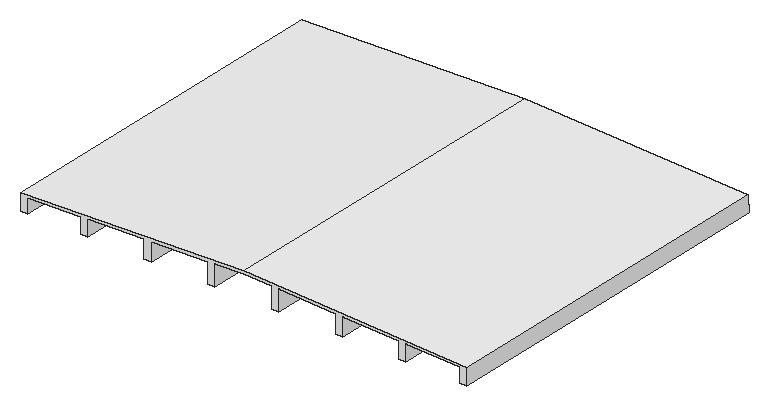
Revit family "Laje_Con_Nervurada", category Structural Framing, Revit 2020
Family settings
  Section Shape = Not Defined
  Material for Model Behavior = Other
  Always export as geometry = No
  OmniClass Number = 23.25.30.11.14.14
  OmniClass Title = Beams
  Always vertical = Yes
  Cut with Voids When Loaded = No
  Symbolic Representation = From Family
  Shared = No
  Show family pre-cut in plan views = Yes
Parameters (values of type "LAJ_CON_NER_COB")
  Structural Material [instance] = Default
  Material_Lajes = CT_Concreto
  Length [instance] = 3.000 m
  Comp [instance] = 15.000 m
Reference planes (m)
  plane 1 "Center (Front/Back)": y = 0
  plane 2 "Center Elevation": z = 0
  plane 3 "Center (Left/Right)": x = 0
  plane 4 "Left": x = -1.5
  plane 5 "Right": x = 1.5
Forms (m)
  Extrusion 1, solid, material "CT_Concreto" <- "Material_Lajes"
    sketch origin (0, 0, 0) x (1, 0, 0) y (0, 0, 1)
      loop
        line (-6.635714, 0.691816) -> (-4.221429, 0.778261) -> (-4.221429, 0) -> (-3.921429, 0) -> (-3.921429, 0.789003) -> (-1.507143, 0.875448) -> (-1.507143, 0) -> (-1.207143, 0) -> (-1.207143, 0.88619) -> (0, 0.929413) -> (1.207143, 0.88619) -> (1.207143, 0) -> (1.507143, 0) -> (1.507143, 0.875448) -> (3.921429, 0.789003) -> (3.921429, 0) -> (4.221429, 0) -> (4.221429, 0.778261) -> (6.635714, 0.691816) -> (6.635714, 0) -> (6.935714, 0) -> (6.935714, 0.681074) -> (9.2, 0.6) -> (9.2, 0) -> (9.5, 0) -> (9.5, 0.689322) -> (0, 1.029477) -> (-9.5, 0.689322) -> (-9.5, 0) -> (-9.2, 0) -> (-9.2, 0.6) -> (-6.935714, 0.681074) -> (-6.935714, 0) -> (-6.635714, 0) -> (-6.635714, 0.691816)
    from 0 to 15
Lines and regions (m)
  model lines, style "Stick Symbols", detail levels coarse
    curve 1: line (-1, 0, 0) -> (1, 0, 0)
Dimensions and locks (m)
  "Length": plane 4 "Left" to plane 5 "Right"
  "Comp": Extrusion 1 to Extrusion 1
  aligned and locked: plane 1 "Center (Front/Back)" to curve 1
  aligned and locked: level to plane 2 "Center Elevation"
  aligned and locked: Extrusion 1 to plane 2 "Center Elevation"  (x3)
  aligned and locked: plane 2 "Center Elevation" to Extrusion 1  (x4)
Automatic sketch dimensions
  Extrusion 1 sketch curve to level = 0.000 m  (x8)
  plane 4 "Left" to Extrusion 1 sketch curve = 0.007143 m
  level to Extrusion 1 sketch curve = 0.789003 m
  Extrusion 1 sketch curve to Extrusion 1 sketch curve = 2.414286 m  (x4)
  Extrusion 1 sketch curve to Extrusion 1 sketch curve = 0.300 m  (x6)
  level to Extrusion 1 sketch curve = 0.681074 m  (x2)
  Extrusion 1 sketch curve to Extrusion 1 sketch curve = 2.264286 m  (x2)
  level to Extrusion 1 sketch curve = 0.689322 m
  Extrusion 1 sketch curve to plane 5 "Right" = 0.007143 m
  level to Extrusion 1 sketch curve = 0.600 m
  Extrusion 1 sketch curve to Extrusion 1 sketch curve = 0.089322 m  (x2)
  Extrusion 1 sketch curve to Extrusion 1 sketch curve = 0.010742 m  (x6)
  level to Extrusion 1 sketch curve = 0.778261 m
  level to Extrusion 1 sketch curve = 0.875448 m  (x2)
  level to Extrusion 1 sketch curve = 0.929413 m
  Extrusion 1 sketch curve to Extrusion 1 sketch curve = 0.100064 m
  Extrusion 1 sketch curve to plane 3 "Center (Left/Right)" = 0.000 m  (x2)
  curve 1 to plane 4 "Left" = 0.500 m
  Extrusion 1 sketch curve to plane 4 "Left" = 0.292857 m
  plane 5 "Right" to curve 1 = 0.500 m
  plane 5 "Right" to Extrusion 1 sketch curve = 0.292857 m
